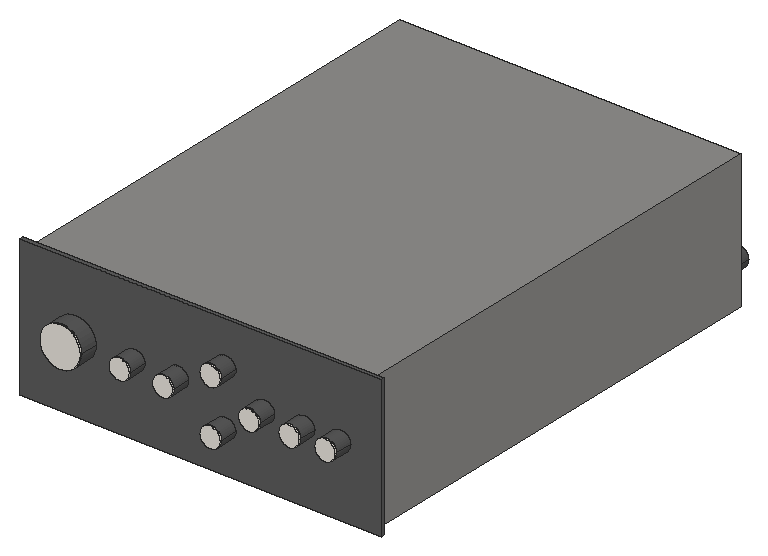
Revit family "Electronics_Masking-Generators_Biamp_Cambridge_Sound-Masking-System_DS1092__", category Communication Devices, host Face, Revit 2020
Family settings
  Host = Face
  Maintain Annotation Orientation = No
  Round Connector Dimension = Use Diameter
  Part Type = Normal
  OmniClass Number = 23.85.10.11
  OmniClass Title = Audio Information, Sound Signals
  Cut with Voids When Loaded = No
  Shared = No
  Room Calculation Point = No
Parameters (values of type "DS1092")
  Width = 0' - 9"  # constant formula
  Voltage = 120 V
  URL = "https://www.biamp.com/"
  Tuning = "Low-pass filter on front panel\r"  # constant formula
  Shipping Weight = 10.00 lbf  # constant formula
  Product data url = "https://www.bimobject.com/biamp/product/ds1092_masking-generator"
  Product Page URL = "https://www.biamp.com/products/product-families/cambridge/masking-generators#ds1092"
  Product Documentation Link = "https://downloads.biamp.com/assets/docs/default-source/data-sheets/biamp_dynasound_ds1092_data_sheet_jun21vf.pdf"
  Power Factor = 1
  Output = "40 W, 70.7 V"  # constant formula
  Number of Poles = 1  # constant formula
  Model = "DS1092"  # constant formula
  Mixer = "Internal sound masking, music input and paging input\r"  # constant formula
  Max Power Consumption = 135 W
  Manufacturer = "Biamp"  # constant formula
  Housing Material = Biamp - Metal - Dark Gray
  Height = 0' - 3 1/2"  # constant formula
  Generator = "Digital white noise generator"  # constant formula
  Description = "Dynasound® DS1092 Sound Masking, Paging and Music System for 70.7 Volt Speakers"  # constant formula
  Depth = 0' - 11 1/2"  # constant formula
  Default Elevation = 4' - 0"
  Connector Description = "120 VAC, 60 Hz, 135 watts"  # constant formula
  Assembly Code = ""
  Apparent Load = Max Power Consumption / Power Factor  # 135 VA
Reference planes (in)
  plane 1 "Center (Front/Back)": y = 0
  plane 2: z = 0
  plane 3 "Center (Left/Right)": x = 0
  plane 4: x = -4.5
  plane 5: x = 4.5
  plane 6: y = 5.75
  plane 7: y = -5.75
  plane 8: z = 3.5
Forms (in)
  Extrusion 1, solid, material "Biamp - Metal - Black"
    sketch origin (0, 0, 0) x (1, 0, 0) y (0, 1, 0)
      loop
        line (-4.5, -5.75) -> (4.5, -5.75) -> (4.5, -5.66319) -> (-4.5, -5.66319) -> (-4.5, -5.75)
    from 0 to 3.5
  Extrusion 2, solid, material "Biamp - Plastic - Black", detail levels medium+fine
    sketch origin (0, 0, 0) x (1, 0, 0) y (0, 0, 1)
      loop
        circle (-3.1203, 1.76988) r 0.5
      loop
        circle (-1.65161, 1.78505) r 0.25
      loop
        circle (-0.567, 1.78505) r 0.25
      loop
        circle (1.58139, 1.78505) r 0.25
      loop
        circle (2.58139, 1.78505) r 0.25
      loop
        circle (3.47922, 1.78505) r 0.25
      loop
        circle (0.61501, 2.44031) r 0.25
      loop
        circle (0.61501, 1.05969) r 0.25
    from 5.75 to 6.19014
  Extrusion 3, solid, material "Biamp - Metal - Dark Gray" <- "Housing Material"
    sketch origin (0, 0, 0) x (1, 0, 0) y (0, 1, 0)
      loop
        line (-4.25, -5.66319) -> (4.25, -5.66319) -> (4.25, 5.75) -> (-4.25, 5.75) -> (-4.25, -5.66319)
    from 0 to 3.41729
  Extrusion 4, solid, material "Biamp - Plastic - Black", detail levels medium+fine
    sketch origin (0, 0, 0) x (1, 0, 0) y (0, 0, 1)
      loop
        circle (3.92728, 0.86707) r 0.25
    from -5.75 to -6.0875
  Extrusion 5, solid, material "Biamp - Plastic - Black"
    sketch origin (0, 0, -0.57676) x (1, 0, 0) y (0, 0, 1)
      loop
        circle (3.92728, 0.86707) r 0.13126
    from -5.75 to -5.78952
  Extrusion 6, solid, material "Biamp - Plastic - Beige", detail levels medium+fine
    sketch origin (0, 0, 0) x (1, 0, 0) y (0, 0, 1)
      loop
        circle (-3.1203, 1.76988) r 0.5
      loop
        circle (-1.65161, 1.78505) r 0.25
      loop
        circle (-0.567, 1.78505) r 0.25
      loop
        circle (1.58139, 1.78505) r 0.25
      loop
        circle (2.58139, 1.78505) r 0.25
      loop
        circle (3.47922, 1.78505) r 0.25
      loop
        circle (0.61501, 2.44031) r 0.25
      loop
        circle (0.61501, 1.05969) r 0.25
    from 6.19014 to 6.22346
  Extrusion 7, solid, not visible
    sketch origin (4.5, 5.75, 0) x (-1, 0, 0) y (0, 0, 1)
      loop
        line (1.44997, 2.69371) -> (1.44997, 2.19371) -> (4.19997, 2.19371) -> (4.19997, 2.69371) -> (1.44997, 2.69371)
    from 0 to 0.03952
Lines and regions (in)
  Masking region 1, detail levels medium+fine
    outline origin (0, 0, 0) x (1, 0, 0) y (0, 1, 0)
      loop
        line (-4.25, 5.75) -> (-4.25, -5.66319) -> (-4.5, -5.66319) -> (-4.5, -5.75) -> (-3.6203, -5.75) -> (-3.6203, -6.22346) -> (-2.6203, -6.22346) -> (-2.6203, -5.75) -> (-1.90161, -5.75) -> (-1.90161, -6.22346) -> (-1.40161, -6.22346) -> (-1.40161, -5.75) -> (-0.817, -5.75) -> (-0.817, -6.22346) -> (-0.317, -6.22346) -> (-0.317, -5.75) -> (0.36501, -5.75) -> (0.36501, -6.22346) -> (0.86501, -6.22346) -> (0.86501, -5.75) -> (1.33139, -5.75) -> (1.33139, -6.22346) -> (1.83139, -6.22346) -> (1.83139, -5.75) -> (2.33139, -5.75) -> (2.33139, -6.22346) -> (2.83139, -6.22346) -> (2.83139, -5.75) -> (3.22922, -5.75) -> (3.22922, -6.22346) -> (3.72922, -6.22346) -> (3.72922, -5.75) -> (4.5, -5.75) -> (4.5, -5.66319) -> (4.25, -5.66319) -> (4.25, 5.75) -> (4.17728, 5.75) -> (4.17728, 6.0875) -> (3.67728, 6.0875) -> (3.67728, 5.75) -> (-4.25, 5.75)
  Masking region 2
    outline origin (0, 0, 0) x (1, 0, 0) y (0, 1, 0)
      loop
        line (-4.5, -5.75) -> (4.5, -5.75) -> (4.5, -5.66319) -> (4.25, -5.66319) -> (4.25, 5.75) -> (-4.25, 5.75) -> (-4.25, -5.66319) -> (-4.5, -5.66319) -> (-4.5, -5.75)
  symbolic lines, style "CommunicationDevices"
    curve 1: line (-4.5, -5.75, 0) -> (-4.5, -5.66319, 0)
    curve 2: line (4.5, -5.66319, 0) -> (4.5, -5.75, 0)
  symbolic lines
    curve 3: line (-4.25, -5.66319, 0) -> (4.25, -5.66319, 0)
    curve 4: line (-4.5, -5.75, 0) -> (4.5, -5.75, 0)
  symbolic lines, detail levels medium+fine
    curve 5: line (-3.6203, -6.19014, 0) -> (-2.6203, -6.19014, 0)
    curve 6: line (-1.90161, -6.19014, 0) -> (-1.40161, -6.19014, 0)
    curve 7: line (-0.817, -6.19014, 0) -> (-0.317, -6.19014, 0)
    curve 8: line (0.36501, -6.19014, 0) -> (0.86501, -6.19014, 0)
    curve 9: line (1.33139, -6.19014, 0) -> (1.83139, -6.19014, 0)
    curve 10: line (2.33139, -6.19014, 0) -> (2.83139, -6.19014, 0)
    curve 11: line (3.22922, -6.19014, 0) -> (3.72922, -6.19014, 0)
    curve 12: line (3.67728, 5.75, 0) -> (4.17728, 5.75, 0)
Dimensions and locks (in)
  equal spacing: plane 6, plane 1 "Center (Front/Back)", plane 7
  "Depth": plane 6 to plane 7
  equal spacing: plane 4, plane 3 "Center (Left/Right)", plane 5
  "Width": plane 4 to plane 5
  "Height": plane 8 to plane 2
  aligned and locked: plane 2 to host face
  aligned and locked: level to host face
  aligned and locked: Extrusion 1 sketch curve to plane 7
  aligned and locked: Extrusion 1 sketch curve to plane 4
  aligned and locked: plane 5 to Extrusion 1 sketch curve
Automatic sketch dimensions
  host sketch curve to host sketch curve = 8' - 0"  (x2)
  Extrusion 1 sketch curve to Extrusion 1 sketch curve = 0' - 0.08681"
  plane 4 to Extrusion 2 sketch curve = 0' - 1.3797"
  Extrusion 2 sketch curve to Extrusion 2 sketch curve = 0' - 1.46869"
  Extrusion 2 sketch curve to plane 3 "Center (Left/Right)" = 0' - 0.567"
  plane 3 "Center (Left/Right)" to Extrusion 2 sketch curve = 0' - 0.61501"  (x2)
  Extrusion 2 sketch curve to Extrusion 2 sketch curve = 0' - 0.96638"
  Extrusion 2 sketch curve to Extrusion 2 sketch curve = 0' - 1"
  Extrusion 2 sketch curve to Extrusion 2 sketch curve = 0' - 0.89783"
  level to Extrusion 2 sketch curve = 0' - 1.05969"
  Extrusion 2 sketch curve to plane 8 = 0' - 1.73012"
  Extrusion 2 sketch curve to Extrusion 2 sketch curve = 0' - 0.72536"  (x2)
  Extrusion 2 sketch curve to Extrusion 2 sketch curve = 0' - 0"  (x3)
  Extrusion 2 sketch curve to plane 8 = 0' - 1.05969"
  Extrusion 3 sketch curve to plane 6 = 0' - 0"
  plane 4 to Extrusion 3 sketch curve = 0' - 0 1/4"
  Extrusion 3 sketch curve to plane 5 = 0' - 0 1/4"
  plane 7 to Extrusion 3 sketch curve = 0' - 0.08681"
  Extrusion 4 sketch curve to plane 5 = 0' - 0.57272"
  level to Extrusion 4 sketch curve = 0' - 0.86707"
  Extrusion 5 sketch curve to plane 5 = 0' - 0.57272"
  level to Extrusion 5 sketch curve = 0' - 0.29031"
  plane 4 to Extrusion 6 sketch curve = 0' - 1.3797"
  Extrusion 6 sketch curve to Extrusion 6 sketch curve = 0' - 1.46869"
  Extrusion 6 sketch curve to plane 3 "Center (Left/Right)" = 0' - 0.567"
  plane 3 "Center (Left/Right)" to Extrusion 6 sketch curve = 0' - 0.61501"  (x2)
  Extrusion 6 sketch curve to Extrusion 6 sketch curve = 0' - 0.96638"
  Extrusion 6 sketch curve to Extrusion 6 sketch curve = 0' - 1"
  Extrusion 6 sketch curve to Extrusion 6 sketch curve = 0' - 0.89783"
  level to Extrusion 6 sketch curve = 0' - 1.05969"
  Extrusion 6 sketch curve to plane 8 = 0' - 1.73012"
  Extrusion 6 sketch curve to Extrusion 6 sketch curve = 0' - 0.72536"  (x2)
  Extrusion 6 sketch curve to Extrusion 6 sketch curve = 0' - 0"  (x3)
  Extrusion 6 sketch curve to plane 8 = 0' - 1.05969"
  Masking region 1 sketch curve to plane 4 = 0' - 0"
  Masking region 1 sketch curve to plane 6 = 0' - 0"  (x2)
  Masking region 1 sketch curve to plane 7 = 0' - 0"  (x8)
  Masking region 1 sketch curve to plane 5 = 0' - 0"
  plane 4 to Masking region 1 sketch curve = 0' - 0 1/4"
  Masking region 1 sketch curve to Masking region 1 sketch curve = 0' - 0.6297"
  Masking region 1 sketch curve to Masking region 1 sketch curve = 0' - 1"
  Masking region 1 sketch curve to Masking region 1 sketch curve = 0' - 0.71869"
  Masking region 1 sketch curve to Masking region 1 sketch curve = 0' - 0 1/2"  (x6)
  Masking region 1 sketch curve to Masking region 1 sketch curve = 0' - 0.58461"
  Masking region 1 sketch curve to plane 3 "Center (Left/Right)" = 0' - 0.317"
  plane 3 "Center (Left/Right)" to Masking region 1 sketch curve = 0' - 0.36501"
  Masking region 1 sketch curve to Masking region 1 sketch curve = 0' - 0.46638"
  Masking region 1 sketch curve to Masking region 1 sketch curve = 0' - 0.39783"
  plane 6 to Masking region 1 sketch curve = 0' - 0.3375"
  Masking region 1 sketch curve to plane 5 = 0' - 0.82272"
  Masking region 1 sketch curve to plane 5 = 0' - 0.32272"
  Masking region 1 sketch curve to Masking region 1 sketch curve = 0' - 0.07272"
  Masking region 1 sketch curve to Masking region 1 sketch curve = 0' - 0.47346"  (x3)
  Masking region 1 sketch curve to plane 7 = 0' - 0.47346"  (x4)
  plane 7 to Masking region 1 sketch curve = 0' - 0.08681"
  Masking region 1 sketch curve to Masking region 1 sketch curve = 0' - 0.08681"
  curve 1 to plane 4 = 0' - 0"
  curve 4 to plane 5 = 0' - 0"
  curve 1 to plane 7 = 0' - 0"
  plane 7 to curve 3 = 0' - 0.08681"
  curve 1 to curve 3 = 0' - 0 1/4"
  curve 3 to curve 5 = 0' - 0.6297"
  curve 5 to plane 7 = 0' - 0.44014"
  curve 5 to curve 5 = 0' - 1"
  curve 5 to curve 6 = 0' - 0.71869"
  curve 6 to curve 6 = 0' - 0 1/2"
  curve 6 to curve 7 = 0' - 0.58461"
  curve 7 to plane 3 "Center (Left/Right)" = 0' - 0.317"
  plane 3 "Center (Left/Right)" to curve 8 = 0' - 0.36501"
  curve 8 to curve 8 = 0' - 0 1/2"
  curve 8 to curve 9 = 0' - 0.46638"
  curve 9 to curve 9 = 0' - 0 1/2"
  curve 9 to curve 10 = 0' - 0 1/2"
  curve 10 to curve 10 = 0' - 0 1/2"
  curve 10 to curve 11 = 0' - 0.39783"
  curve 11 to curve 11 = 0' - 0 1/2"
  curve 3 to plane 5 = 0' - 0 1/4"
  curve 6 to plane 7 = 0' - 0.44014"
  curve 7 to plane 7 = 0' - 0.44014"
  curve 8 to plane 7 = 0' - 0.44014"
  curve 9 to plane 7 = 0' - 0.44014"
  curve 10 to plane 7 = 0' - 0.44014"
  curve 10 to curve 11 = 0' - 0"
  plane 7 to curve 2 = 0' - 0.08681"
  plane 7 to curve 1 = 0' - 0.08681"
  curve 12 to plane 6 = 0' - 0"
  curve 12 to plane 5 = 0' - 0.82272"
  curve 12 to plane 5 = 0' - 0.32272"
  Extrusion 3 to Extrusion 7 sketch curve = 0' - 1.19997"
  Extrusion 3 to Extrusion 7 sketch curve = 0' - 1.22358"
  Extrusion 7 sketch curve to Extrusion 7 sketch curve = 0' - 2 3/4"
  Extrusion 7 sketch curve to Extrusion 7 sketch curve = 0' - 0 1/2"
  Masking region 2 sketch curve to plane 4 = 0' - 0"
  Masking region 2 sketch curve to plane 6 = 0' - 0"
  Masking region 2 sketch curve to plane 5 = 0' - 0"
  Masking region 2 sketch curve to plane 7 = 0' - 0"
  plane 4 to Masking region 2 sketch curve = 0' - 0 1/4"
  Masking region 2 sketch curve to plane 5 = 0' - 0 1/4"
  plane 7 to Masking region 2 sketch curve = 0' - 0.08681"
  Masking region 2 sketch curve to Masking region 2 sketch curve = 0' - 0.08681"
  radius of Extrusion 2 sketch curve = 0' - 0 1/2"
  radius of Extrusion 2 sketch curve = 0' - 0 1/4"  (x7)
  radius of Extrusion 4 sketch curve = 0' - 0 1/4"
  radius of Extrusion 5 sketch curve = 0' - 0.13126"
  radius of Extrusion 6 sketch curve = 0' - 0 1/2"
  radius of Extrusion 6 sketch curve = 0' - 0 1/4"  (x7)
Connectors (in)
  electrical at (3.92728, 5.78952, 0.29031), driven by "Connector Description", driven by "Power Factor", driven by "Apparent Load", driven by "Voltage", driven by "Number of Poles"
    settings: on Extrusion 5, index 1, voltage 120 V, apparent load 0 VA, apparent load phase1 135 VA, apparent load phase2 0 VA, apparent load phase3 0 VA, power factor 1, load classification "Other", number of poles 1, system type 31, power factor state 1, is connector primary yes, connector utility no, sub classification motor no, connector description "120 VAC, 60 Hz, 135 watts"
  electrical at (1.67503, 5.78952, 2.44371)
    settings: on Extrusion 7, index 2, voltage 0 V, apparent load 0 VA, apparent load phase1 0 VA, apparent load phase2 0 VA, apparent load phase3 0 VA, power factor 1, load classification "Other", number of poles 1, system type 5, power factor state 1, is connector primary no, connector utility no, sub classification motor no, connector description "Output 40 watts, 70.7 V"
